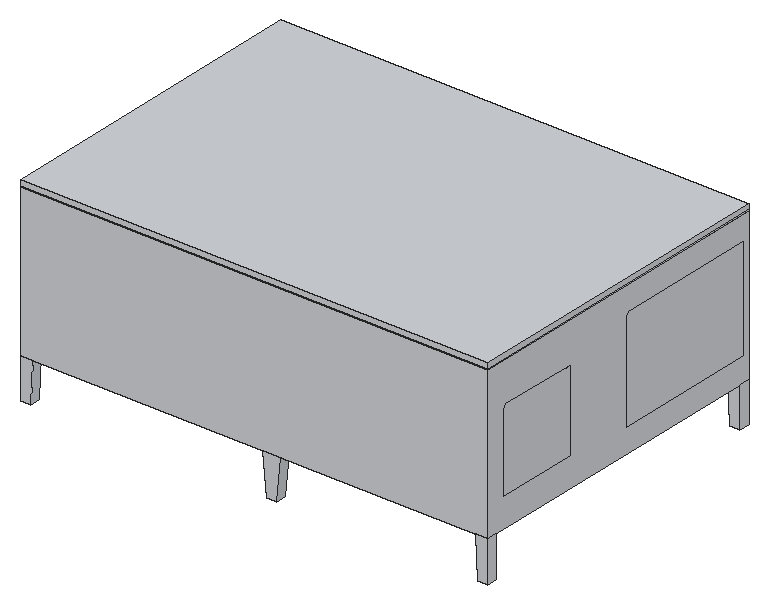
Revit family "AHU 6 _6", category Mechanické zařízení, Revit 2018
Family settings
  Kóta kulaté spojky = Použít průměr
  Typ dílu = Normální
  Číslo OmniClass = 23.75.00.00
  Nadpis OmniClass = Climate Control (HVAC)
  Založené na pracovní rovině = Ne
  Vždy vertikální = Ano
  Ořezat dutým tvarem při načtení = Ne
  Sdílené = Ne
  Bod výpočtu místnosti = Ne
Parameters (values of type "DUPLEXVENT 3500 Multi Eco")
  Width [instance] = 1.6 mm
  Weight [instance] = 370.00 kg
  URL = ""
  Type [instance] = "DUPLEXVENT 3500 Multi Eco"
  Total_SFP [instance] = 0
  Supply_outlet_hum [instance] = 90
  Supply_inlet_hum [instance] = 90
  Supply_ext_pressure [instance] = 0.0 Pa
  Supply_SFP [instance] = 0
  Source_adu_file [instance] = ""
  Recuperation_type [instance] = "Plate heat recovery exchanger"
  Recuperation_efficiency_EN308 [instance] = 0
  Project_name [instance] = ""
  Project_date [instance] = "10.8.2023"
  Power_supply_fusing [instance] = "0"
  Power_supply_cable [instance] = "0"
  Position [instance] = "AHU 6 "
  Phases_count [instance] = 3
  Panel_thickness [instance] = 0.06 mm
  Outer_surface [instance] = "RAL 9002"
  Length [instance] = 2.3 mm
  Insulation_type [instance] = "PUR"
  Insulation_thickness [instance] = 0.05 mm
  Installation_environment [instance] = ""
  Input_power_max [instance] = 5000 W
  Inner_surface [instance] = "Pozink"
  I2 [instance] = I1  # 0.0 L/s
  Height [instance] = 0.775 mm
  Exhaust_outlet_hum [instance] = 0
  Exhaust_inlet_hum [instance] = 40
  Exhaust_ext_pressure [instance] = 0.0 Pa
  Exhaust_SFP [instance] = 0
  E1 [instance] = E2 - M1  # 0.0 L/s
  E2 [instance] = 0.0 L/s
  I1 [instance] = 0.0 L/s
  Description = ""
  M1 [instance] = 0.0 L/s
  Device_dutypoint_version [instance] = "2"
  Device_design_version [instance] = "17"
  Device_adu_id [instance] = "6"
  Current_max [instance] = 7.6 A
  Casing_mat [instance] = "painted zinc layer"
  Cable type [instance] = "CYKY 5Jx2,5"
Reference planes
  plane 1 "Střed (vpředu/vzadu)": y = 0
  plane 2 "ref": z = 0
  plane 3 "Střed (vlevo/vpravo)": x = 0
Forms (mm)
  Sweep 1, solid
    path origin (0, 0, -745) x (0, 0, 1) y (1, 0, 0)
      loop
        line (0, 0) -> (745, 0)
    profile origin (0, 0, -745) x (1, 0, 0) y (0, 1, 0)
      loop
        line (0, 0) -> (2300, 0) -> (2300, 1600) -> (0, 1600) -> (0, 0)
  Sweep 2, solid
    path origin (0, 0, 0) x (0, 0, 1) y (1, 0, 0)
      loop
        line (0, 0) -> (30, 0)
    profile origin (0, 0, 0) x (1, 0, 0) y (0, 1, 0)
      loop
        line (0, 0) -> (2300, 0) -> (2300, 1600) -> (0, 1600) -> (0, 0)
  Sweep 3, solid
    path origin (1, 300, -400) x (0, 1, 0) y (-1, 0, 0)
      loop
        line (0, 0) -> (0, 1)
    profile origin (1, 300, -400) x (0, -1, 0) y (0, 0, 1)
      loop
        line (-200, 200) -> (-200, -200) -> (200, -200) -> (200, 200) -> (-200, 200)
  Sweep 4, solid
    path origin (2299, 1210, -375) x (1, 0, 0) y (0, 1, 0)
      loop
        line (0, 0) -> (1, 0)
    profile origin (2299, 1210, -375) x (0, 1, 0) y (0, 0, 1)
      loop
        line (355, 250) -> (-355, 250) -> (-355, -250) -> (355, -250) -> (355, 250)
  Sweep 5, solid
    path origin (2299, 300, -400) x (1, 0, 0) y (0, 1, 0)
      loop
        line (0, 0) -> (1, 0)
    profile origin (2299, 300, -400) x (0, 1, 0) y (0, 0, 1)
      loop
        line (200, 200) -> (-200, 200) -> (-200, -200) -> (200, -200) -> (200, 200)
  Sweep 6, solid
    path origin (1, 1210, -375) x (0, 1, 0) y (-1, 0, 0)
      loop
        line (0, 0) -> (0, 1)
    profile origin (1, 1210, -375) x (0, -1, 0) y (0, 0, 1)
      loop
        line (-355, 250) -> (-355, -250) -> (355, -250) -> (355, 250) -> (-355, 250)
  Sweep 7, solid
    path origin (404, 1508, -745) x (0, -1, 0) y (0, 0, 1)
      loop
        line (0, 0) -> (0, -150)
    profile origin (404, 1508, -745) x (-1, 0, 0) y (0, -1, 0)
      loop
        circle (0, 0) r 20
  Sweep 8, solid
    path origin (1208, 1508, -745) x (0, -1, 0) y (0, 0, 1)
      loop
        line (0, 0) -> (0, -150)
    profile origin (1208, 1508, -745) x (-1, 0, 0) y (0, -1, 0)
      loop
        circle (0, 0) r 20
  Sweep 9, solid
    path origin (0, 0, 5) x (0, 0, 1) y (1, 0, 0)
      loop
        line (0, 0) -> (25, 0)
    profile origin (0, 0, 5) x (1, 0, 0) y (0, 1, 0)
      loop
        line (0, 0) -> (2300, 0) -> (2300, 1600) -> (0, 1600) -> (0, 0)
  Sweep 10, solid
    path origin (25, 50, -745) x (1, 0, 0) y (0, 1, 0)
      loop
        line (0, 0) -> (0, -50)
    profile origin (25, 50, -745) x (1, 0, 0) y (0, 0, 1)
      loop
        line (-25, 0) -> (-25, -200) -> (25, -200) -> (35, 0) -> (-25, 0)
  Sweep 11, solid
    path origin (2275, 50, -745) x (1, 0, 0) y (0, 1, 0)
      loop
        line (0, 0) -> (0, -50)
    profile origin (2275, 50, -745) x (1, 0, 0) y (0, 0, 1)
      loop
        line (-35, 0) -> (-25, -200) -> (25, -200) -> (25, 0) -> (-35, 0)
  Sweep 12, solid
    path origin (25, 1600, -745) x (1, 0, 0) y (0, 1, 0)
      loop
        line (0, 0) -> (0, -50)
    profile origin (25, 1600, -745) x (1, 0, 0) y (0, 0, 1)
      loop
        line (-25, 0) -> (-25, -200) -> (25, -200) -> (35, 0) -> (-25, 0)
  Sweep 13, solid
    path origin (2275, 1600, -745) x (1, 0, 0) y (0, 1, 0)
      loop
        line (0, 0) -> (0, -50)
    profile origin (2275, 1600, -745) x (1, 0, 0) y (0, 0, 1)
      loop
        line (-35, 0) -> (-25, -200) -> (25, -200) -> (25, 0) -> (-35, 0)
  Sweep 14, solid
    path origin (1237, 50, -745) x (1, 0, 0) y (0, 1, 0)
      loop
        line (0, 0) -> (0, -50)
    profile origin (1237, 50, -745) x (1, 0, 0) y (0, 0, 1)
      loop
        line (-45, 0) -> (-25, -200) -> (25, -200) -> (45, 0) -> (-45, 0)
  Sweep 15, solid
    path origin (1063, 1600, -745) x (1, 0, 0) y (0, 1, 0)
      loop
        line (0, 0) -> (0, -50)
    profile origin (1063, 1600, -745) x (1, 0, 0) y (0, 0, 1)
      loop
        line (-45, 0) -> (-25, -200) -> (25, -200) -> (45, 0) -> (-45, 0)
  Sweep 16, solid
    path origin (1150, 830, -745) x (1, 0, 0) y (0, 1, 0)
      loop
        line (0, 0) -> (0, -50)
    profile origin (1150, 830, -745) x (1, 0, 0) y (0, 0, 1)
      loop
        line (-45, 0) -> (-25, -200) -> (25, -200) -> (45, 0) -> (-45, 0)
  Sweep 17, solid
    path origin (0, 0, -668) x (0, 0, 1) y (1, 0, 0)
      loop
        line (0, 0) -> (305, 0)
    profile origin (0, 0, -668) x (1, 0, 0) y (0, 1, 0)
      loop
        line (575, 1600) -> (980, 1600) -> (980, 1690) -> (575, 1690) -> (575, 1600)
  Sweep 18, solid
    path origin (575, 1645, -515) x (0, 0, -1) y (1, 0, 0)
      loop
        line (0, 0) -> (0, -1)
    profile origin (575, 1645, -515) x (0, 0, -1) y (0, -1, 0)
      loop
        circle (0, 0) r 10
Lines and regions (mm)
  model lines, style "Symbol"
    curve 1: line (943, 0, 30) -> (943, 320, 30)
    curve 2: line (943, 1600, 30) -> (943, 1280, 30)
    curve 3: line (0, 800, 30) -> (463, 800, 30)
    curve 4: line (2300, 800, 30) -> (1423, 800, 30)
    curve 5: line (463, 800, 30) -> (703, 1280, 30)
    curve 6: line (703, 1280, 30) -> (1183, 1280, 30)
    curve 7: line (1183, 1280, 30) -> (1423, 800, 30)
    curve 8: line (1423, 800, 30) -> (1183, 320, 30)
    curve 9: line (1183, 320, 30) -> (943, 320, 30)
    curve 10: line (943, 320, 30) -> (703, 320, 30)
    curve 11: line (703, 320, 30) -> (463, 800, 30)
    curve 12: line (1948, 1314, 30) -> (2204, 1270, 30)
    curve 13: line (1948, 1086, 30) -> (2204, 1130, 30)
    curve 14: line (352, 1086, 30) -> (96, 1130, 30)
    curve 15: line (352, 1314, 30) -> (96, 1270, 30)
    curve 16: line (46, 160, 30) -> (46, 640, 30)
    curve 17: line (46, 640, 30) -> (184, 640, 30)
    curve 18: line (184, 640, 30) -> (184, 160, 30)
    curve 19: line (184, 160, 30) -> (46, 160, 30)
    curve 20: line (115, 160, 30) -> (184, 400, 30)
    curve 21: line (115, 640, 30) -> (184, 400, 30)
    curve 22: line (2254, 640, 30) -> (2254, 160, 30)
    curve 23: line (2254, 160, 30) -> (2116, 160, 30)
    curve 24: line (2116, 160, 30) -> (2116, 640, 30)
    curve 25: line (2116, 640, 30) -> (2254, 640, 30)
    curve 26: line (2185, 640, 30) -> (2116, 400, 30)
    curve 27: line (2185, 160, 30) -> (2116, 400, 30)
    curve 28: line (616, 280, 30) -> (398, 708, 30)
    curve 29: line (398, 708, 30) -> (470, 744, 30)
    curve 30: line (470, 744, 30) -> (688, 316, 30)
    curve 31: line (688, 316, 30) -> (616, 280, 30)
    curve 32: line (485, 554, 30) -> (513, 641, 30)
    curve 33: line (573, 383, 30) -> (601, 470, 30)
    curve 34: line (378, 1508, -745) -> (430, 1508, -745)
    curve 35: line (404, 1482, -745) -> (404, 1534, -745)
    curve 36: line (1182, 1508, -745) -> (1234, 1508, -745)
    curve 37: line (1208, 1482, -745) -> (1208, 1534, -745)
    curve 38: line (0, 0, 1230) -> (0, 0, 30)
    curve 39: line (2300, 0, 1230) -> (2300, 0, 30)
    curve 40: line (0, 0, 1230) -> (2300, 0, 1230)
    curve 41: line (0, 1600, 1230) -> (0, 1600, 30)
    curve 42: line (2300, 1600, 1230) -> (2300, 1600, 30)
    curve 43: line (0, 1600, 1230) -> (2300, 1600, 1230)
    curve 44: line (0, 0, 1230) -> (0, 1600, 1230)
    curve 45: line (2300, 0, 1230) -> (2300, 1600, 1230)
    curve 46: line (0, 1400, 1230) -> (200, 1600, 1230)
    curve 47: line (0, 1200, 1230) -> (400, 1600, 1230)
    curve 48: line (0, 1000, 1230) -> (600, 1600, 1230)
    curve 49: line (0, 800, 1230) -> (800, 1600, 1230)
    curve 50: line (0, 600, 1230) -> (1000, 1600, 1230)
    curve 51: line (0, 400, 1230) -> (1200, 1600, 1230)
    curve 52: line (0, 200, 1230) -> (1400, 1600, 1230)
    curve 53: line (0, 0, 1230) -> (1600, 1600, 1230)
    curve 54: line (200, 0, 1230) -> (1800, 1600, 1230)
    curve 55: line (400, 0, 1230) -> (2000, 1600, 1230)
    curve 56: line (600, 0, 1230) -> (2200, 1600, 1230)
    curve 57: line (800, 0, 1230) -> (2300, 1500, 1230)
    curve 58: line (1000, 0, 1230) -> (2300, 1300, 1230)
    curve 59: line (1200, 0, 1230) -> (2300, 1100, 1230)
    curve 60: line (1400, 0, 1230) -> (2300, 900, 1230)
    curve 61: line (1600, 0, 1230) -> (2300, 700, 1230)
    curve 62: line (1800, 0, 1230) -> (2300, 500, 1230)
    curve 63: line (2000, 0, 1230) -> (2300, 300, 1230)
    curve 64: line (2200, 0, 1230) -> (2300, 100, 1230)
    curve 65: line (2300, 1400, 1230) -> (2300, 1600, 1030)
    curve 66: line (2300, 1200, 1230) -> (2300, 1600, 830)
    curve 67: line (2300, 1000, 1230) -> (2300, 1600, 630)
    curve 68: line (2300, 800, 1230) -> (2300, 1600, 430)
    curve 69: line (2300, 600, 1230) -> (2300, 1600, 230)
    curve 70: line (2300, 400, 1230) -> (2300, 1600, 30)
    curve 71: line (2300, 200, 1230) -> (2300, 1400, 30)
    curve 72: line (2300, 0, 1230) -> (2300, 1200, 30)
    curve 73: line (2300, 0, 1030) -> (2300, 1000, 30)
    curve 74: line (2300, 0, 830) -> (2300, 800, 30)
    curve 75: line (2300, 0, 630) -> (2300, 600, 30)
    curve 76: line (2300, 0, 430) -> (2300, 400, 30)
    curve 77: line (2300, 0, 230) -> (2300, 200, 30)
    curve 78: line (0, 1600, 1030) -> (200, 1600, 1230)
    curve 79: line (0, 1600, 830) -> (400, 1600, 1230)
    curve 80: line (0, 1600, 630) -> (600, 1600, 1230)
    curve 81: line (0, 1600, 430) -> (800, 1600, 1230)
    curve 82: line (0, 1600, 230) -> (1000, 1600, 1230)
    curve 83: line (0, 1600, 30) -> (1200, 1600, 1230)
    curve 84: line (200, 1600, 30) -> (1400, 1600, 1230)
    curve 85: line (400, 1600, 30) -> (1600, 1600, 1230)
    curve 86: line (600, 1600, 30) -> (1800, 1600, 1230)
    curve 87: line (800, 1600, 30) -> (2000, 1600, 1230)
    curve 88: line (1000, 1600, 30) -> (2200, 1600, 1230)
    curve 89: line (1200, 1600, 30) -> (2300, 1600, 1130)
    curve 90: line (1400, 1600, 30) -> (2300, 1600, 930)
    curve 91: line (1600, 1600, 30) -> (2300, 1600, 730)
    curve 92: line (1800, 1600, 30) -> (2300, 1600, 530)
    curve 93: line (2000, 1600, 30) -> (2300, 1600, 330)
    curve 94: line (2200, 1600, 30) -> (2300, 1600, 130)
    curve 95: line (0, 2320, 0) -> (0, 1600, 0)
    curve 96: line (2300, 2320, 0) -> (2300, 1600, 0)
    curve 97: line (0, 2320, 0) -> (2300, 2320, 0)
    curve 98: line (0, 2320, -745) -> (0, 1600, -745)
    curve 99: line (2300, 2320, -745) -> (2300, 1600, -745)
    curve 100: line (0, 2320, -745) -> (2300, 2320, -745)
    curve 101: line (0, 2320, 0) -> (0, 2320, -745)
    curve 102: line (2300, 2320, 0) -> (2300, 2320, -745)
    curve 103: line (0, 2320, -545) -> (200, 2320, -745)
    curve 104: line (0, 2320, -345) -> (400, 2320, -745)
    curve 105: line (0, 2320, -145) -> (600, 2320, -745)
    curve 106: line (55, 2320, 0) -> (800, 2320, -745)
    curve 107: line (255, 2320, 0) -> (1000, 2320, -745)
    curve 108: line (455, 2320, 0) -> (1200, 2320, -745)
    curve 109: line (655, 2320, 0) -> (1400, 2320, -745)
    curve 110: line (855, 2320, 0) -> (1600, 2320, -745)
    curve 111: line (1055, 2320, 0) -> (1800, 2320, -745)
    curve 112: line (1255, 2320, 0) -> (2000, 2320, -745)
    curve 113: line (1455, 2320, 0) -> (2200, 2320, -745)
    curve 114: line (1655, 2320, 0) -> (2300, 2320, -645)
    curve 115: line (1855, 2320, 0) -> (2300, 2320, -445)
    curve 116: line (2055, 2320, 0) -> (2300, 2320, -245)
    curve 117: line (2255, 2320, 0) -> (2300, 2320, -45)
    curve 118: line (2300, 2320, -545) -> (2300, 2120, -745)
    curve 119: line (2300, 2320, -345) -> (2300, 1920, -745)
    curve 120: line (2300, 2320, -145) -> (2300, 1720, -745)
    curve 121: line (2300, 2265, 0) -> (2300, 1600, -665)
    curve 122: line (2300, 2065, 0) -> (2300, 1600, -465)
    curve 123: line (2300, 1865, 0) -> (2300, 1600, -265)
    curve 124: line (2300, 1665, 0) -> (2300, 1600, -65)
    curve 125: line (0, 2120, -745) -> (200, 2320, -745)
    curve 126: line (0, 1920, -745) -> (400, 2320, -745)
    curve 127: line (0, 1720, -745) -> (600, 2320, -745)
    curve 128: line (80, 1600, -745) -> (800, 2320, -745)
    curve 129: line (280, 1600, -745) -> (1000, 2320, -745)
    curve 130: line (480, 1600, -745) -> (1200, 2320, -745)
    curve 131: line (680, 1600, -745) -> (1400, 2320, -745)
    curve 132: line (880, 1600, -745) -> (1600, 2320, -745)
    curve 133: line (1080, 1600, -745) -> (1800, 2320, -745)
    curve 134: line (1280, 1600, -745) -> (2000, 2320, -745)
    curve 135: line (1480, 1600, -745) -> (2200, 2320, -745)
    curve 136: line (1680, 1600, -745) -> (2300, 2220, -745)
    curve 137: line (1880, 1600, -745) -> (2300, 2020, -745)
    curve 138: line (2080, 1600, -745) -> (2300, 1820, -745)
    curve 139: line (2280, 1600, -745) -> (2300, 1620, -745)
    curve 140: line (2300, 0, -945) -> (2300, 0, -745)
    curve 141: line (0, 0, -945) -> (0, 0, -745)
    curve 142: line (2300, 0, -945) -> (0, 0, -945)
    curve 143: line (2300, 1600, -945) -> (2300, 1600, -745)
    curve 144: line (0, 1600, -945) -> (0, 1600, -745)
    curve 145: line (2300, 1600, -945) -> (0, 1600, -945)
    curve 146: line (2300, 0, -945) -> (2300, 1600, -945)
    curve 147: line (0, 0, -945) -> (0, 1600, -945)
    curve 148: line (2300, 1400, -945) -> (2100, 1600, -945)
    curve 149: line (2300, 1200, -945) -> (1900, 1600, -945)
    curve 150: line (2300, 1000, -945) -> (1700, 1600, -945)
    curve 151: line (2300, 800, -945) -> (1500, 1600, -945)
    curve 152: line (2300, 600, -945) -> (1300, 1600, -945)
    curve 153: line (2300, 400, -945) -> (1100, 1600, -945)
    curve 154: line (2300, 200, -945) -> (900, 1600, -945)
    curve 155: line (2300, 0, -945) -> (700, 1600, -945)
    curve 156: line (2100, 0, -945) -> (500, 1600, -945)
    curve 157: line (1900, 0, -945) -> (300, 1600, -945)
    curve 158: line (1700, 0, -945) -> (100, 1600, -945)
    curve 159: line (1500, 0, -945) -> (0, 1500, -945)
    curve 160: line (1300, 0, -945) -> (0, 1300, -945)
    curve 161: line (1100, 0, -945) -> (0, 1100, -945)
    curve 162: line (900, 0, -945) -> (0, 900, -945)
    curve 163: line (700, 0, -945) -> (0, 700, -945)
    curve 164: line (500, 0, -945) -> (0, 500, -945)
    curve 165: line (300, 0, -945) -> (0, 300, -945)
    curve 166: line (100, 0, -945) -> (0, 100, -945)
    curve 167: line (0, 1400, -945) -> (0, 1600, -745)
    curve 168: line (0, 1200, -945) -> (0, 1400, -745)
    curve 169: line (0, 1000, -945) -> (0, 1200, -745)
    curve 170: line (0, 800, -945) -> (0, 1000, -745)
    curve 171: line (0, 600, -945) -> (0, 800, -745)
    curve 172: line (0, 400, -945) -> (0, 600, -745)
    curve 173: line (0, 200, -945) -> (0, 400, -745)
    curve 174: line (0, 0, -945) -> (0, 200, -745)
    curve 175: line (2300, 1600, -745) -> (2100, 1600, -945)
    curve 176: line (2100, 1600, -745) -> (1900, 1600, -945)
    curve 177: line (1900, 1600, -745) -> (1700, 1600, -945)
    curve 178: line (1700, 1600, -745) -> (1500, 1600, -945)
    curve 179: line (1500, 1600, -745) -> (1300, 1600, -945)
    curve 180: line (1300, 1600, -745) -> (1100, 1600, -945)
    curve 181: line (1100, 1600, -745) -> (900, 1600, -945)
    curve 182: line (900, 1600, -745) -> (700, 1600, -945)
    curve 183: line (700, 1600, -745) -> (500, 1600, -945)
    curve 184: line (500, 1600, -745) -> (300, 1600, -945)
    curve 185: line (300, 1600, -745) -> (100, 1600, -945)
    curve 186: line (100, 1600, -745) -> (0, 1600, -845)
    curve 187: line (0, 0, 30) -> (0, 1600, 30)
    curve 188: line (0, 1600, 30) -> (920, 1600, 30)
    curve 189: line (920, 1600, 30) -> (920, 0, 30)
    curve 190: line (920, 0, 30) -> (0, 0, 30)
    curve 191: line (1180, 0, 30) -> (1180, 1600, 30)
    curve 192: line (1180, 1600, 30) -> (2300, 1600, 30)
    curve 193: line (2300, 1600, 30) -> (2300, 0, 30)
    curve 194: line (2300, 0, 30) -> (1180, 0, 30)
    curve 195: line (0, 0, 30) -> (2300, 0, 30)
    curve 196: line (0, 1600, 30) -> (2300, 1600, 30)
    curve 197: line (0, 0, 30) -> (0, 1600, 30)
    curve 198: line (2300, 0, 30) -> (2300, 1600, 30)
    curve 199: line (0, 0, 30) -> (0, 0, 5)
    curve 200: line (2300, 0, 30) -> (2300, 0, 5)
    curve 201: line (0, 1600, 30) -> (0, 1600, 5)
    curve 202: line (2300, 1600, 30) -> (2300, 1600, 5)
    curve 203: circle (2060, 1200, 30) r 160 normal (0, 0, 1)
    curve 204: circle (240, 1200, 30) r 160 normal (0, 0, 1)
    curve 205: circle (499, 598, 30) r 12 normal (0, 0, 1)
    curve 206: circle (587, 426, 30) r 12 normal (0, 0, 1)
    curve 207: circle (404, 1508, -745) r 20 normal (0, 0, 1)
    curve 208: circle (1208, 1508, -745) r 20 normal (0, 0, 1)
Dimensions and locks
  aligned and locked: level to plane 2 "ref"
Connectors
  hvac at (0, 300, -400), driven by "E1"
    settings: on Sweep 3, index 1, duct flow 0.0 L/s, flow factor 0, pres drop 0.0 Pa, loss coef 0, conn angle 0.00°, conn width 400 mm, conn height 400 mm, conn diameter 609.6 mm, duct sys type 1, conn prof type 1, flow config 1, flow direction 1, loss method 0, conn ref index -1, conn util no, is conn primary yes, conn desc ""
  hvac at (2300, 1210, -375), driven by "E2"
    settings: on Sweep 4, index 2, duct flow 0.0 L/s, flow factor 1, pres drop 0.0 Pa, loss coef 0, conn angle 0.00°, conn width 710 mm, conn height 500 mm, conn diameter 609.6 mm, duct sys type 1, conn prof type 1, flow config 2, flow direction 2, loss method 0, conn ref index -1, conn util no, is conn primary no, conn desc ""
  hvac at (2300, 300, -400), driven by "I1"
    settings: on Sweep 5, index 3, duct flow 0.0 L/s, flow factor 1, pres drop 0.0 Pa, loss coef 0, conn angle 0.00°, conn width 400 mm, conn height 400 mm, conn diameter 609.6 mm, duct sys type 3, conn prof type 1, flow config 2, flow direction 1, loss method 0, conn ref index -1, conn util no, is conn primary no, conn desc ""
  hvac at (0, 1210, -375), driven by "I2"
    settings: on Sweep 6, index 4, duct flow 0.0 L/s, flow factor 0, pres drop 0.0 Pa, loss coef 0, conn angle 0.00°, conn width 710 mm, conn height 500 mm, conn diameter 609.6 mm, duct sys type 3, conn prof type 1, flow config 1, flow direction 2, loss method 0, conn ref index -1, conn util no, is conn primary no, conn desc ""
  piping at (404, 1508, -895), diameter 40
    settings: on Sweep 7, index 5, connector inside diameter 609.6 mm, connector length 0 mm, flow factor 0, pipe flow 0.0 L/s, pressure drop 0.0 Pa, fitting loss kfactor 0, connector angle 0.00°, fixture units 0, engagement length 0 mm, angle of deflection 0.00°, flow configuration 1, flow direction 2, fitting loss method 0, system type 16, joint type 0, gender type 0, connector reference index -1, connector utility 0, adjustable connector no, is connector primary yes, connector description ""
  piping at (1208, 1508, -895), diameter 40
    settings: on Sweep 8, index 6, connector inside diameter 609.6 mm, connector length 0 mm, flow factor 0, pipe flow 0.0 L/s, pressure drop 0.0 Pa, fitting loss kfactor 0, connector angle 0.00°, fixture units 0, engagement length 0 mm, angle of deflection 0.00°, flow configuration 1, flow direction 2, fitting loss method 0, system type 16, joint type 0, gender type 0, connector reference index -1, connector utility 0, adjustable connector no, is connector primary no, connector description ""
  electrical at (574, 1645, -515)
    settings: on Sweep 18, index 7, voltage 400 V, apparent load 0 VA, apparent load phase1 0 VA, apparent load phase2 0 VA, apparent load phase3 0 VA, power factor 1, load classification "Další", number of poles 3, system type 31, power factor state 1, is connector primary yes, connector utility no, sub classification motor no, connector description ""
